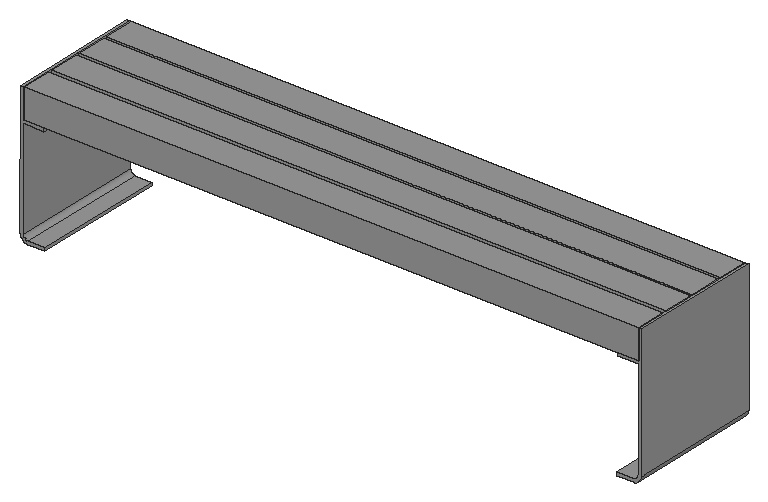
Revit family "Скамейка стальная «Фелисити» без спинки Арт 14545", category Антураж, Revit 2018
Family settings
  На основе рабочей плоскости = Нет
  Всегда вертикально = Да
  При загрузке вырезать с полостями = Нет
  Источник визуального образа = Геометрия семейства
  Общий = Нет
  Точка расчета площади = Нет
Parameters (values of type "Версия 2,0 м")
  Ширина = 430 mm  # constant formula
  Цвет опор = Сталь
  Цвет лавки = Дерево
  Описание = if([Версия 1,5 м], "Скамейка стальная «Фелисити» без спинки. Версия 1,5 м", if([Версия 1,8 м], "Скамейка стальная «Фелисити» без спинки. Версия 1,8 м", "Скамейка стальная «Фелисити» без спинки. Версия 2,0 м"))  # "Скамейка стальная «Фелисити» без спинки. Версия 2,0 м"
  Материал изделия = "Сталь, дерево"  # constant formula
  Изображение типоразмера = Скамейка стальная «Фелисити» без спинки Арт 14545.jpg
  Изготовитель = "ООО «Хоббика»"  # constant formula
  Длина = if([Версия 1,5 м], 1500 mm, if([Версия 1,8 м], 1800 mm, 2000 mm))  # 2000 mm
  Группа модели = "Садовые скамейки"  # constant formula
  Высота = 450 mm  # constant formula
  Версия 2,0 м = not(or([Версия 1,5 м], [Версия 1,8 м]))  # yes
  Версия 1,8 м = no
  Версия 1,5 м = no
  Артикул товара = "Арт 14545"  # constant formula
  URL = "https://hobbyka.ru/product/skameyka_felicity/"
Types (4, lengths in mm): name | Описание | Длина | Версия 2,0 м | Версия 1,8 м | Версия 1,5 м
  (no name) | "Скамейка стальная «Фелисити» без спинки. Версия 2,0 м" | 2000 | yes | no | no
  Версия 1,5 м | "Скамейка стальная «Фелисити» без спинки. Версия 1,5 м" | 1500 | no | no | yes
  Версия 1,8 м | "Скамейка стальная «Фелисити» без спинки. Версия 1,8 м" | 1800 | no | yes | no
  Версия 2,0 м | "Скамейка стальная «Фелисити» без спинки. Версия 2,0 м" | 2000 | yes | no | no
Reference planes
  plane 1 "По центру (Вперед/Назад)": y = 0
  plane 2: z = 0
  plane 3 "По центру (Влево/Вправо)": x = 0
  plane 4: y = 430
  plane 5: x = 2000
  plane 6: z = 450
  plane 7: x = 1990
Forms (mm)
  Extrusion 1, solid, material "Сталь" <- "Цвет опор"
    sketch origin (0, 0, 0) x (1, 0, 0) y (0, 0, 1)
      loop
        line (0, 450) -> (0, 25)
        arc (0, 25) -> (7.322, 7.322) -> (25, 0) r 25
        line (25, 0) -> (80, 0) -> (80, 10) -> (25, 10)
        arc (25, 10) -> (14.393, 14.393) -> (10, 25) r 15
        line (10, 25) -> (10, 345) -> (77.205, 345) -> (77.205, 355) -> (10, 355) -> (10, 450) -> (0, 450)
      loop
        line (2000, 450) -> (1990, 450) -> (1990, 355) -> (1922.795, 355) -> (1922.795, 345) -> (1990, 345) -> (1990, 25)
        arc (1990, 25) -> (1985.607, 14.393) -> (1975, 10) r 15
        line (1975, 10) -> (1920, 10) -> (1920, 0) -> (1975, 0)
        arc (1975, 0) -> (1992.678, 7.322) -> (2000, 25) r 25
        line (2000, 25) -> (2000, 450)
    from 0 to -430
  Extrusion 2, solid, material "Дерево" <- "Цвет лавки"
    sketch origin (0, 0, 0) x (0, 1, 0) y (0, 0, 1)
      loop
        line (430, 450) -> (330, 450) -> (330, 355) -> (430, 355) -> (430, 450)
    from 10 to 1990
  Extrusion 3, solid, material "Дерево" <- "Цвет лавки"
    sketch origin (166.667, -330, 0) x (0, 1, 0) y (0, 0, 1)
      loop
        line (430, 450) -> (330, 450) -> (330, 355) -> (430, 355) -> (430, 450)
    from -156.667 to 1823.333
  Extrusion 4, solid, material "Дерево" <- "Цвет лавки"
    sketch origin (55.556, -110, 0) x (0, 1, 0) y (0, 0, 1)
      loop
        line (430, 450) -> (330, 450) -> (330, 355) -> (430, 355) -> (430, 450)
    from -45.556 to 1934.444
  Extrusion 5, solid, material "Дерево" <- "Цвет лавки"
    sketch origin (0, -220, 0) x (0, 1, 0) y (0, 0, 1)
      loop
        line (430, 450) -> (330, 450) -> (330, 355) -> (430, 355) -> (430, 450)
    from 10 to 1990
Dimensions and locks
  "Длина": plane 3 "По центру (Влево/Вправо)" to plane 5
  "Ширина": plane 4 to plane 1 "По центру (Вперед/Назад)"
  "Высота": plane 6 to plane 2
  locked: plane 7 to plane 5 at 10
  aligned and locked: level to plane 2
  aligned and locked: Extrusion 2 to Extrusion 1
  aligned and locked: Extrusion 4 to Extrusion 1
  aligned and locked: Extrusion 3 to Extrusion 1
  aligned and locked: Extrusion 2 to plane 7
  aligned and locked: Extrusion 4 to plane 7
  aligned and locked: Extrusion 5 to plane 7
  aligned and locked: Extrusion 3 to plane 7
Automatic sketch dimensions
  Extrusion 1 sketch curve to Extrusion 1 sketch curve = 0 mm  (x5)
  Extrusion 1 sketch curve to plane 3 "По центру (Влево/Вправо)" = 0 mm
  Extrusion 1 sketch curve to plane 6 = 0 mm  (x2)
  Extrusion 1 sketch curve to level = 0 mm  (x2)
  Extrusion 1 sketch curve to plane 5 = 0 mm
  plane 3 "По центру (Влево/Вправо)" to Extrusion 1 sketch curve = 10 mm  (x2)
  Extrusion 1 sketch curve to Extrusion 1 sketch curve = 15 mm
  Extrusion 1 sketch curve to Extrusion 1 sketch curve = 67.205 mm  (x2)
  Extrusion 1 sketch curve to Extrusion 1 sketch curve = 55 mm
  level to Extrusion 1 sketch curve = 10 mm
  Extrusion 1 sketch curve to Extrusion 1 sketch curve = 70 mm
  Extrusion 1 sketch curve to plane 5 = 25 mm
  Extrusion 1 sketch curve to Extrusion 1 sketch curve = 105 mm
  Extrusion 1 sketch curve to plane 6 = 105 mm
  Extrusion 1 sketch curve to Extrusion 1 sketch curve = 10 mm  (x2)
  Extrusion 2 sketch curve to Extrusion 2 sketch curve = 100 mm
  Extrusion 2 sketch curve to Extrusion 2 sketch curve = 95 mm
  Extrusion 3 sketch curve to Extrusion 3 sketch curve = 100 mm
  Extrusion 3 sketch curve to Extrusion 3 sketch curve = 95 mm
  Extrusion 4 sketch curve to Extrusion 4 sketch curve = 100 mm
  Extrusion 4 sketch curve to Extrusion 4 sketch curve = 95 mm
  Extrusion 5 sketch curve to Extrusion 5 sketch curve = 100 mm
  Extrusion 5 sketch curve to Extrusion 5 sketch curve = 95 mm
  Extrusion 2 sketch curve to plane 6 = 0 mm
  Extrusion 2 sketch curve to plane 4 = 0 mm
  Extrusion 3 sketch curve to plane 1 "По центру (Вперед/Назад)" = 0 mm
  Extrusion 3 sketch curve to plane 6 = 0 mm
  Extrusion 4 sketch curve to plane 6 = 0 mm
  Extrusion 4 sketch curve to plane 4 = 210 mm
  Extrusion 5 sketch curve to plane 6 = 0 mm
  Extrusion 5 sketch curve to plane 1 "По центру (Вперед/Назад)" = 110 mm
